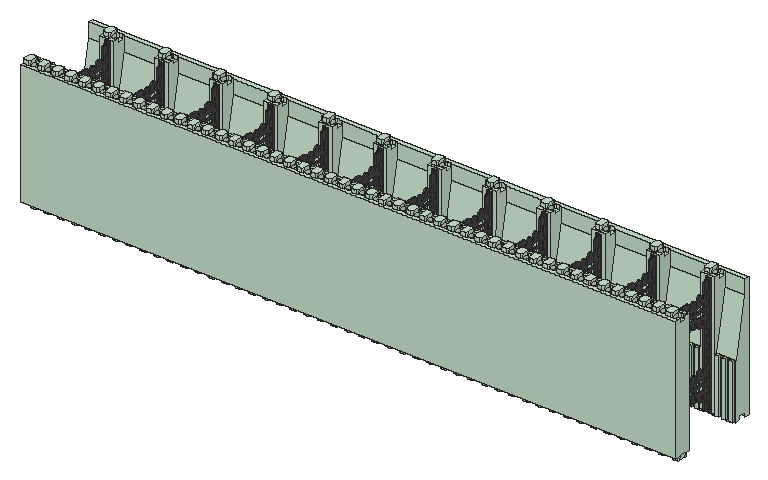
Revit family "ICF- NUDURA 8-inch- Single Sided Taper Top Form Unit- Imperial", category Generic Models, Revit 2011 (continued)
Forms (in)
  Extrusion 51, void
    sketch origin (86, 0, 0) x (-1, 0, 0) y (0, -1, 0)
      loop
        arc (1, -4.89808) -> (1.04785, -5.04517) -> (1.17308, -5.13595) r 0.25
        arc (1.17308, -5.13595) -> (1.5, -5.1875) -> (1.82692, -5.13595) r 1.0625
        arc (1.82692, -5.13595) -> (1.95215, -5.04517) -> (2, -4.89808) r 0.25
        line (2, -4.89808) -> (2, -3.97692)
        arc (2, -3.97692) -> (1.98276, -3.88568) -> (1.9334, -3.80702) r 0.25
        arc (1.9334, -3.80702) -> (1.92106, -3.78736) -> (1.91675, -3.76455) r 0.0625
        line (1.91675, -3.76455) -> (1.91675, -3.41845) -> (1.74592, -3.41845) -> (1.74592, -3.64005)
        arc (1.74592, -3.64005) -> (1.72385, -3.68771) -> (1.67323, -3.70172) r 0.0625
        arc (1.67323, -3.70172) -> (1.42092, -3.69045) -> (1.17308, -3.73905) r 1.0625
        arc (1.17308, -3.73905) -> (1.04785, -3.82983) -> (1, -3.97692) r 0.25
        line (1, -3.97692) -> (1, -4.89808)
    from 18 to 17.5
  Extrusion 52, void
    sketch origin (78, 0, 0) x (-1, 0, 0) y (0, -1, 0)
      loop
        arc (1, -4.89808) -> (1.04785, -5.04517) -> (1.17308, -5.13595) r 0.25
        arc (1.17308, -5.13595) -> (1.5, -5.1875) -> (1.82692, -5.13595) r 1.0625
        arc (1.82692, -5.13595) -> (1.95215, -5.04517) -> (2, -4.89808) r 0.25
        line (2, -4.89808) -> (2, -3.97692)
        arc (2, -3.97692) -> (1.98276, -3.88568) -> (1.9334, -3.80702) r 0.25
        arc (1.9334, -3.80702) -> (1.92106, -3.78736) -> (1.91675, -3.76455) r 0.0625
        line (1.91675, -3.76455) -> (1.91675, -3.41845) -> (1.74592, -3.41845) -> (1.74592, -3.64005)
        arc (1.74592, -3.64005) -> (1.72385, -3.68771) -> (1.67323, -3.70172) r 0.0625
        arc (1.67323, -3.70172) -> (1.42092, -3.69045) -> (1.17308, -3.73905) r 1.0625
        arc (1.17308, -3.73905) -> (1.04785, -3.82983) -> (1, -3.97692) r 0.25
        line (1, -3.97692) -> (1, -4.89808)
    from 18 to 17.5
  Extrusion 53, void
    sketch origin (70, 0, 0) x (-1, 0, 0) y (0, -1, 0)
      loop
        arc (1, -4.89808) -> (1.04785, -5.04517) -> (1.17308, -5.13595) r 0.25
        arc (1.17308, -5.13595) -> (1.5, -5.1875) -> (1.82692, -5.13595) r 1.0625
        arc (1.82692, -5.13595) -> (1.95215, -5.04517) -> (2, -4.89808) r 0.25
        line (2, -4.89808) -> (2, -3.97692)
        arc (2, -3.97692) -> (1.98276, -3.88568) -> (1.9334, -3.80702) r 0.25
        arc (1.9334, -3.80702) -> (1.92106, -3.78736) -> (1.91675, -3.76455) r 0.0625
        line (1.91675, -3.76455) -> (1.91675, -3.41845) -> (1.74592, -3.41845) -> (1.74592, -3.64005)
        arc (1.74592, -3.64005) -> (1.72385, -3.68771) -> (1.67323, -3.70172) r 0.0625
        arc (1.67323, -3.70172) -> (1.42092, -3.69045) -> (1.17308, -3.73905) r 1.0625
        arc (1.17308, -3.73905) -> (1.04785, -3.82983) -> (1, -3.97692) r 0.25
        line (1, -3.97692) -> (1, -4.89808)
    from 18 to 17.5
  Extrusion 54, void
    sketch origin (62, 0, 0) x (-1, 0, 0) y (0, -1, 0)
      loop
        arc (1, -4.89808) -> (1.04785, -5.04517) -> (1.17308, -5.13595) r 0.25
        arc (1.17308, -5.13595) -> (1.5, -5.1875) -> (1.82692, -5.13595) r 1.0625
        arc (1.82692, -5.13595) -> (1.95215, -5.04517) -> (2, -4.89808) r 0.25
        line (2, -4.89808) -> (2, -3.97692)
        arc (2, -3.97692) -> (1.98276, -3.88568) -> (1.9334, -3.80702) r 0.25
        arc (1.9334, -3.80702) -> (1.92106, -3.78736) -> (1.91675, -3.76455) r 0.0625
        line (1.91675, -3.76455) -> (1.91675, -3.41845) -> (1.74592, -3.41845) -> (1.74592, -3.64005)
        arc (1.74592, -3.64005) -> (1.72385, -3.68771) -> (1.67323, -3.70172) r 0.0625
        arc (1.67323, -3.70172) -> (1.42092, -3.69045) -> (1.17308, -3.73905) r 1.0625
        arc (1.17308, -3.73905) -> (1.04785, -3.82983) -> (1, -3.97692) r 0.25
        line (1, -3.97692) -> (1, -4.89808)
    from 18 to 17.5
  Extrusion 55, void
    sketch origin (54, 0, 0) x (-1, 0, 0) y (0, -1, 0)
      loop
        arc (1, -4.89808) -> (1.04785, -5.04517) -> (1.17308, -5.13595) r 0.25
        arc (1.17308, -5.13595) -> (1.5, -5.1875) -> (1.82692, -5.13595) r 1.0625
        arc (1.82692, -5.13595) -> (1.95215, -5.04517) -> (2, -4.89808) r 0.25
        line (2, -4.89808) -> (2, -3.97692)
        arc (2, -3.97692) -> (1.98276, -3.88568) -> (1.9334, -3.80702) r 0.25
        arc (1.9334, -3.80702) -> (1.92106, -3.78736) -> (1.91675, -3.76455) r 0.0625
        line (1.91675, -3.76455) -> (1.91675, -3.41845) -> (1.74592, -3.41845) -> (1.74592, -3.64005)
        arc (1.74592, -3.64005) -> (1.72385, -3.68771) -> (1.67323, -3.70172) r 0.0625
        arc (1.67323, -3.70172) -> (1.42092, -3.69045) -> (1.17308, -3.73905) r 1.0625
        arc (1.17308, -3.73905) -> (1.04785, -3.82983) -> (1, -3.97692) r 0.25
        line (1, -3.97692) -> (1, -4.89808)
    from 18 to 17.5
  Extrusion 56, void
    sketch origin (46, 0, 0) x (-1, 0, 0) y (0, -1, 0)
      loop
        arc (1, -4.89808) -> (1.04785, -5.04517) -> (1.17308, -5.13595) r 0.25
        arc (1.17308, -5.13595) -> (1.5, -5.1875) -> (1.82692, -5.13595) r 1.0625
        arc (1.82692, -5.13595) -> (1.95215, -5.04517) -> (2, -4.89808) r 0.25
        line (2, -4.89808) -> (2, -3.97692)
        arc (2, -3.97692) -> (1.98276, -3.88568) -> (1.9334, -3.80702) r 0.25
        arc (1.9334, -3.80702) -> (1.92106, -3.78736) -> (1.91675, -3.76455) r 0.0625
        line (1.91675, -3.76455) -> (1.91675, -3.41845) -> (1.74592, -3.41845) -> (1.74592, -3.64005)
        arc (1.74592, -3.64005) -> (1.72385, -3.68771) -> (1.67323, -3.70172) r 0.0625
        arc (1.67323, -3.70172) -> (1.42092, -3.69045) -> (1.17308, -3.73905) r 1.0625
        arc (1.17308, -3.73905) -> (1.04785, -3.82983) -> (1, -3.97692) r 0.25
        line (1, -3.97692) -> (1, -4.89808)
    from 18 to 17.5
  Extrusion 57, void
    sketch origin (38, 0, 0) x (-1, 0, 0) y (0, -1, 0)
      loop
        arc (1, -4.89808) -> (1.04785, -5.04517) -> (1.17308, -5.13595) r 0.25
        arc (1.17308, -5.13595) -> (1.5, -5.1875) -> (1.82692, -5.13595) r 1.0625
        arc (1.82692, -5.13595) -> (1.95215, -5.04517) -> (2, -4.89808) r 0.25
        line (2, -4.89808) -> (2, -3.97692)
        arc (2, -3.97692) -> (1.98276, -3.88568) -> (1.9334, -3.80702) r 0.25
        arc (1.9334, -3.80702) -> (1.92106, -3.78736) -> (1.91675, -3.76455) r 0.0625
        line (1.91675, -3.76455) -> (1.91675, -3.41845) -> (1.74592, -3.41845) -> (1.74592, -3.64005)
        arc (1.74592, -3.64005) -> (1.72385, -3.68771) -> (1.67323, -3.70172) r 0.0625
        arc (1.67323, -3.70172) -> (1.42092, -3.69045) -> (1.17308, -3.73905) r 1.0625
        arc (1.17308, -3.73905) -> (1.04785, -3.82983) -> (1, -3.97692) r 0.25
        line (1, -3.97692) -> (1, -4.89808)
    from 18 to 17.5
  Extrusion 58, void
    sketch origin (30, 0, 0) x (-1, 0, 0) y (0, -1, 0)
      loop
        arc (1, -4.89808) -> (1.04785, -5.04517) -> (1.17308, -5.13595) r 0.25
        arc (1.17308, -5.13595) -> (1.5, -5.1875) -> (1.82692, -5.13595) r 1.0625
        arc (1.82692, -5.13595) -> (1.95215, -5.04517) -> (2, -4.89808) r 0.25
        line (2, -4.89808) -> (2, -3.97692)
        arc (2, -3.97692) -> (1.98276, -3.88568) -> (1.9334, -3.80702) r 0.25
        arc (1.9334, -3.80702) -> (1.92106, -3.78736) -> (1.91675, -3.76455) r 0.0625
        line (1.91675, -3.76455) -> (1.91675, -3.41845) -> (1.74592, -3.41845) -> (1.74592, -3.64005)
        arc (1.74592, -3.64005) -> (1.72385, -3.68771) -> (1.67323, -3.70172) r 0.0625
        arc (1.67323, -3.70172) -> (1.42092, -3.69045) -> (1.17308, -3.73905) r 1.0625
        arc (1.17308, -3.73905) -> (1.04785, -3.82983) -> (1, -3.97692) r 0.25
        line (1, -3.97692) -> (1, -4.89808)
    from 18 to 17.5
  Extrusion 59, void
    sketch origin (22, 0, 0) x (-1, 0, 0) y (0, -1, 0)
      loop
        arc (1, -4.89808) -> (1.04785, -5.04517) -> (1.17308, -5.13595) r 0.25
        arc (1.17308, -5.13595) -> (1.5, -5.1875) -> (1.82692, -5.13595) r 1.0625
        arc (1.82692, -5.13595) -> (1.95215, -5.04517) -> (2, -4.89808) r 0.25
        line (2, -4.89808) -> (2, -3.97692)
        arc (2, -3.97692) -> (1.98276, -3.88568) -> (1.9334, -3.80702) r 0.25
        arc (1.9334, -3.80702) -> (1.92106, -3.78736) -> (1.91675, -3.76455) r 0.0625
        line (1.91675, -3.76455) -> (1.91675, -3.41845) -> (1.74592, -3.41845) -> (1.74592, -3.64005)
        arc (1.74592, -3.64005) -> (1.72385, -3.68771) -> (1.67323, -3.70172) r 0.0625
        arc (1.67323, -3.70172) -> (1.42092, -3.69045) -> (1.17308, -3.73905) r 1.0625
        arc (1.17308, -3.73905) -> (1.04785, -3.82983) -> (1, -3.97692) r 0.25
        line (1, -3.97692) -> (1, -4.89808)
    from 18 to 17.5
  Extrusion 60, void
    sketch origin (14, 0, 0) x (-1, 0, 0) y (0, -1, 0)
      loop
        arc (1, -4.89808) -> (1.04785, -5.04517) -> (1.17308, -5.13595) r 0.25
        arc (1.17308, -5.13595) -> (1.5, -5.1875) -> (1.82692, -5.13595) r 1.0625
        arc (1.82692, -5.13595) -> (1.95215, -5.04517) -> (2, -4.89808) r 0.25
        line (2, -4.89808) -> (2, -3.97692)
        arc (2, -3.97692) -> (1.98276, -3.88568) -> (1.9334, -3.80702) r 0.25
        arc (1.9334, -3.80702) -> (1.92106, -3.78736) -> (1.91675, -3.76455) r 0.0625
        line (1.91675, -3.76455) -> (1.91675, -3.41845) -> (1.74592, -3.41845) -> (1.74592, -3.64005)
        arc (1.74592, -3.64005) -> (1.72385, -3.68771) -> (1.67323, -3.70172) r 0.0625
        arc (1.67323, -3.70172) -> (1.42092, -3.69045) -> (1.17308, -3.73905) r 1.0625
        arc (1.17308, -3.73905) -> (1.04785, -3.82983) -> (1, -3.97692) r 0.25
        line (1, -3.97692) -> (1, -4.89808)
    from 18 to 17.5
  Extrusion 61, void
    sketch origin (6, 0, 0) x (-1, 0, 0) y (0, -1, 0)
      loop
        arc (1, -4.89808) -> (1.04785, -5.04517) -> (1.17308, -5.13595) r 0.25
        arc (1.17308, -5.13595) -> (1.5, -5.1875) -> (1.82692, -5.13595) r 1.0625
        arc (1.82692, -5.13595) -> (1.95215, -5.04517) -> (2, -4.89808) r 0.25
        line (2, -4.89808) -> (2, -3.97692)
        arc (2, -3.97692) -> (1.98276, -3.88568) -> (1.9334, -3.80702) r 0.25
        arc (1.9334, -3.80702) -> (1.92106, -3.78736) -> (1.91675, -3.76455) r 0.0625
        line (1.91675, -3.76455) -> (1.91675, -3.41845) -> (1.74592, -3.41845) -> (1.74592, -3.64005)
        arc (1.74592, -3.64005) -> (1.72385, -3.68771) -> (1.67323, -3.70172) r 0.0625
        arc (1.67323, -3.70172) -> (1.42092, -3.69045) -> (1.17308, -3.73905) r 1.0625
        arc (1.17308, -3.73905) -> (1.04785, -3.82983) -> (1, -3.97692) r 0.25
        line (1, -3.97692) -> (1, -4.89808)
    from 18 to 17.5
  Extrusion 62, void
    sketch origin (2, -2, 0) x (-1, 0, 0) y (0, -1, 0)
      loop
        line (1, 4.89808) -> (1, 3.97692)
        arc (1, 3.97692) -> (1.04785, 3.82983) -> (1.17308, 3.73905) r 0.25
        arc (1.17308, 3.73905) -> (1.42092, 3.69045) -> (1.67323, 3.70172) r 1.0625
        arc (1.67323, 3.70172) -> (1.72385, 3.68771) -> (1.74592, 3.64005) r 0.0625
        line (1.74592, 3.64005) -> (1.74592, 3.41845) -> (1.91675, 3.41845) -> (1.91675, 3.76455)
        arc (1.91675, 3.76455) -> (1.92106, 3.78736) -> (1.9334, 3.80702) r 0.0625
        arc (1.9334, 3.80702) -> (1.98276, 3.88568) -> (2, 3.97692) r 0.25
        line (2, 3.97692) -> (2, 4.89808)
        arc (2, 4.89808) -> (1.95215, 5.04517) -> (1.82692, 5.13595) r 0.25
        arc (1.82692, 5.13595) -> (1.5, 5.1875) -> (1.17308, 5.13595) r 1.0625
        arc (1.17308, 5.13595) -> (1.04785, 5.04517) -> (1, 4.89808) r 0.25
    from 0 to 0.5
  Extrusion 63, void
    sketch origin (4, -2, 0) x (-1, 0, 0) y (0, -1, 0)
      loop
        line (1, 4.89808) -> (1, 3.97692)
        arc (1, 3.97692) -> (1.04785, 3.82983) -> (1.17308, 3.73905) r 0.25
        arc (1.17308, 3.73905) -> (1.42092, 3.69045) -> (1.67323, 3.70172) r 1.0625
        arc (1.67323, 3.70172) -> (1.72385, 3.68771) -> (1.74592, 3.64005) r 0.0625
        line (1.74592, 3.64005) -> (1.74592, 3.41845) -> (1.91675, 3.41845) -> (1.91675, 3.76455)
        arc (1.91675, 3.76455) -> (1.92106, 3.78736) -> (1.9334, 3.80702) r 0.0625
        arc (1.9334, 3.80702) -> (1.98276, 3.88568) -> (2, 3.97692) r 0.25
        line (2, 3.97692) -> (2, 4.89808)
        arc (2, 4.89808) -> (1.95215, 5.04517) -> (1.82692, 5.13595) r 0.25
        arc (1.82692, 5.13595) -> (1.5, 5.1875) -> (1.17308, 5.13595) r 1.0625
        arc (1.17308, 5.13595) -> (1.04785, 5.04517) -> (1, 4.89808) r 0.25
    from 0 to 0.5
  Extrusion 64, void
    sketch origin (6, -2, 0) x (-1, 0, 0) y (0, -1, 0)
      loop
        line (1, 4.89808) -> (1, 3.97692)
        arc (1, 3.97692) -> (1.04785, 3.82983) -> (1.17308, 3.73905) r 0.25
        arc (1.17308, 3.73905) -> (1.42092, 3.69045) -> (1.67323, 3.70172) r 1.0625
        arc (1.67323, 3.70172) -> (1.72385, 3.68771) -> (1.74592, 3.64005) r 0.0625
        line (1.74592, 3.64005) -> (1.74592, 3.41845) -> (1.91675, 3.41845) -> (1.91675, 3.76455)
        arc (1.91675, 3.76455) -> (1.92106, 3.78736) -> (1.9334, 3.80702) r 0.0625
        arc (1.9334, 3.80702) -> (1.98276, 3.88568) -> (2, 3.97692) r 0.25
        line (2, 3.97692) -> (2, 4.89808)
        arc (2, 4.89808) -> (1.95215, 5.04517) -> (1.82692, 5.13595) r 0.25
        arc (1.82692, 5.13595) -> (1.5, 5.1875) -> (1.17308, 5.13595) r 1.0625
        arc (1.17308, 5.13595) -> (1.04785, 5.04517) -> (1, 4.89808) r 0.25
    from 0 to 0.5
  Extrusion 65, void
    sketch origin (8, -2, 0) x (-1, 0, 0) y (0, -1, 0)
      loop
        line (1, 4.89808) -> (1, 3.97692)
        arc (1, 3.97692) -> (1.04785, 3.82983) -> (1.17308, 3.73905) r 0.25
        arc (1.17308, 3.73905) -> (1.42092, 3.69045) -> (1.67323, 3.70172) r 1.0625
        arc (1.67323, 3.70172) -> (1.72385, 3.68771) -> (1.74592, 3.64005) r 0.0625
        line (1.74592, 3.64005) -> (1.74592, 3.41845) -> (1.91675, 3.41845) -> (1.91675, 3.76455)
        arc (1.91675, 3.76455) -> (1.92106, 3.78736) -> (1.9334, 3.80702) r 0.0625
        arc (1.9334, 3.80702) -> (1.98276, 3.88568) -> (2, 3.97692) r 0.25
        line (2, 3.97692) -> (2, 4.89808)
        arc (2, 4.89808) -> (1.95215, 5.04517) -> (1.82692, 5.13595) r 0.25
        arc (1.82692, 5.13595) -> (1.5, 5.1875) -> (1.17308, 5.13595) r 1.0625
        arc (1.17308, 5.13595) -> (1.04785, 5.04517) -> (1, 4.89808) r 0.25
    from 0 to 0.5
  Extrusion 66, void
    sketch origin (10, -2, 0) x (-1, 0, 0) y (0, -1, 0)
      loop
        line (1, 4.89808) -> (1, 3.97692)
        arc (1, 3.97692) -> (1.04785, 3.82983) -> (1.17308, 3.73905) r 0.25
        arc (1.17308, 3.73905) -> (1.42092, 3.69045) -> (1.67323, 3.70172) r 1.0625
        arc (1.67323, 3.70172) -> (1.72385, 3.68771) -> (1.74592, 3.64005) r 0.0625
        line (1.74592, 3.64005) -> (1.74592, 3.41845) -> (1.91675, 3.41845) -> (1.91675, 3.76455)
        arc (1.91675, 3.76455) -> (1.92106, 3.78736) -> (1.9334, 3.80702) r 0.0625
        arc (1.9334, 3.80702) -> (1.98276, 3.88568) -> (2, 3.97692) r 0.25
        line (2, 3.97692) -> (2, 4.89808)
        arc (2, 4.89808) -> (1.95215, 5.04517) -> (1.82692, 5.13595) r 0.25
        arc (1.82692, 5.13595) -> (1.5, 5.1875) -> (1.17308, 5.13595) r 1.0625
        arc (1.17308, 5.13595) -> (1.04785, 5.04517) -> (1, 4.89808) r 0.25
    from 0 to 0.5
  Extrusion 67, void
    sketch origin (12, -2, 0) x (-1, 0, 0) y (0, -1, 0)
      loop
        line (1, 4.89808) -> (1, 3.97692)
        arc (1, 3.97692) -> (1.04785, 3.82983) -> (1.17308, 3.73905) r 0.25
        arc (1.17308, 3.73905) -> (1.42092, 3.69045) -> (1.67323, 3.70172) r 1.0625
        arc (1.67323, 3.70172) -> (1.72385, 3.68771) -> (1.74592, 3.64005) r 0.0625
        line (1.74592, 3.64005) -> (1.74592, 3.41845) -> (1.91675, 3.41845) -> (1.91675, 3.76455)
        arc (1.91675, 3.76455) -> (1.92106, 3.78736) -> (1.9334, 3.80702) r 0.0625
        arc (1.9334, 3.80702) -> (1.98276, 3.88568) -> (2, 3.97692) r 0.25
        line (2, 3.97692) -> (2, 4.89808)
        arc (2, 4.89808) -> (1.95215, 5.04517) -> (1.82692, 5.13595) r 0.25
        arc (1.82692, 5.13595) -> (1.5, 5.1875) -> (1.17308, 5.13595) r 1.0625
        arc (1.17308, 5.13595) -> (1.04785, 5.04517) -> (1, 4.89808) r 0.25
    from 0 to 0.5
  Extrusion 68, void
    sketch origin (14, -2, 0) x (-1, 0, 0) y (0, -1, 0)
      loop
        line (1, 4.89808) -> (1, 3.97692)
        arc (1, 3.97692) -> (1.04785, 3.82983) -> (1.17308, 3.73905) r 0.25
        arc (1.17308, 3.73905) -> (1.42092, 3.69045) -> (1.67323, 3.70172) r 1.0625
        arc (1.67323, 3.70172) -> (1.72385, 3.68771) -> (1.74592, 3.64005) r 0.0625
        line (1.74592, 3.64005) -> (1.74592, 3.41845) -> (1.91675, 3.41845) -> (1.91675, 3.76455)
        arc (1.91675, 3.76455) -> (1.92106, 3.78736) -> (1.9334, 3.80702) r 0.0625
        arc (1.9334, 3.80702) -> (1.98276, 3.88568) -> (2, 3.97692) r 0.25
        line (2, 3.97692) -> (2, 4.89808)
        arc (2, 4.89808) -> (1.95215, 5.04517) -> (1.82692, 5.13595) r 0.25
        arc (1.82692, 5.13595) -> (1.5, 5.1875) -> (1.17308, 5.13595) r 1.0625
        arc (1.17308, 5.13595) -> (1.04785, 5.04517) -> (1, 4.89808) r 0.25
    from 0 to 0.5
  Extrusion 69, void
    sketch origin (16, -2, 0) x (-1, 0, 0) y (0, -1, 0)
      loop
        line (1, 4.89808) -> (1, 3.97692)
        arc (1, 3.97692) -> (1.04785, 3.82983) -> (1.17308, 3.73905) r 0.25
        arc (1.17308, 3.73905) -> (1.42092, 3.69045) -> (1.67323, 3.70172) r 1.0625
        arc (1.67323, 3.70172) -> (1.72385, 3.68771) -> (1.74592, 3.64005) r 0.0625
        line (1.74592, 3.64005) -> (1.74592, 3.41845) -> (1.91675, 3.41845) -> (1.91675, 3.76455)
        arc (1.91675, 3.76455) -> (1.92106, 3.78736) -> (1.9334, 3.80702) r 0.0625
        arc (1.9334, 3.80702) -> (1.98276, 3.88568) -> (2, 3.97692) r 0.25
        line (2, 3.97692) -> (2, 4.89808)
        arc (2, 4.89808) -> (1.95215, 5.04517) -> (1.82692, 5.13595) r 0.25
        arc (1.82692, 5.13595) -> (1.5, 5.1875) -> (1.17308, 5.13595) r 1.0625
        arc (1.17308, 5.13595) -> (1.04785, 5.04517) -> (1, 4.89808) r 0.25
    from 0 to 0.5
  Extrusion 70, void
    sketch origin (18, -2, 0) x (-1, 0, 0) y (0, -1, 0)
      loop
        line (1, 4.89808) -> (1, 3.97692)
        arc (1, 3.97692) -> (1.04785, 3.82983) -> (1.17308, 3.73905) r 0.25
        arc (1.17308, 3.73905) -> (1.42092, 3.69045) -> (1.67323, 3.70172) r 1.0625
        arc (1.67323, 3.70172) -> (1.72385, 3.68771) -> (1.74592, 3.64005) r 0.0625
        line (1.74592, 3.64005) -> (1.74592, 3.41845) -> (1.91675, 3.41845) -> (1.91675, 3.76455)
        arc (1.91675, 3.76455) -> (1.92106, 3.78736) -> (1.9334, 3.80702) r 0.0625
        arc (1.9334, 3.80702) -> (1.98276, 3.88568) -> (2, 3.97692) r 0.25
        line (2, 3.97692) -> (2, 4.89808)
        arc (2, 4.89808) -> (1.95215, 5.04517) -> (1.82692, 5.13595) r 0.25
        arc (1.82692, 5.13595) -> (1.5, 5.1875) -> (1.17308, 5.13595) r 1.0625
        arc (1.17308, 5.13595) -> (1.04785, 5.04517) -> (1, 4.89808) r 0.25
    from 0 to 0.5
  Extrusion 71, void
    sketch origin (20, -2, 0) x (-1, 0, 0) y (0, -1, 0)
      loop
        line (1, 4.89808) -> (1, 3.97692)
        arc (1, 3.97692) -> (1.04785, 3.82983) -> (1.17308, 3.73905) r 0.25
        arc (1.17308, 3.73905) -> (1.42092, 3.69045) -> (1.67323, 3.70172) r 1.0625
        arc (1.67323, 3.70172) -> (1.72385, 3.68771) -> (1.74592, 3.64005) r 0.0625
        line (1.74592, 3.64005) -> (1.74592, 3.41845) -> (1.91675, 3.41845) -> (1.91675, 3.76455)
        arc (1.91675, 3.76455) -> (1.92106, 3.78736) -> (1.9334, 3.80702) r 0.0625
        arc (1.9334, 3.80702) -> (1.98276, 3.88568) -> (2, 3.97692) r 0.25
        line (2, 3.97692) -> (2, 4.89808)
        arc (2, 4.89808) -> (1.95215, 5.04517) -> (1.82692, 5.13595) r 0.25
        arc (1.82692, 5.13595) -> (1.5, 5.1875) -> (1.17308, 5.13595) r 1.0625
        arc (1.17308, 5.13595) -> (1.04785, 5.04517) -> (1, 4.89808) r 0.25
    from 0 to 0.5
  Extrusion 72, void
    sketch origin (22, -2, 0) x (-1, 0, 0) y (0, -1, 0)
      loop
        line (1, 4.89808) -> (1, 3.97692)
        arc (1, 3.97692) -> (1.04785, 3.82983) -> (1.17308, 3.73905) r 0.25
        arc (1.17308, 3.73905) -> (1.42092, 3.69045) -> (1.67323, 3.70172) r 1.0625
        arc (1.67323, 3.70172) -> (1.72385, 3.68771) -> (1.74592, 3.64005) r 0.0625
        line (1.74592, 3.64005) -> (1.74592, 3.41845) -> (1.91675, 3.41845) -> (1.91675, 3.76455)
        arc (1.91675, 3.76455) -> (1.92106, 3.78736) -> (1.9334, 3.80702) r 0.0625
        arc (1.9334, 3.80702) -> (1.98276, 3.88568) -> (2, 3.97692) r 0.25
        line (2, 3.97692) -> (2, 4.89808)
        arc (2, 4.89808) -> (1.95215, 5.04517) -> (1.82692, 5.13595) r 0.25
        arc (1.82692, 5.13595) -> (1.5, 5.1875) -> (1.17308, 5.13595) r 1.0625
        arc (1.17308, 5.13595) -> (1.04785, 5.04517) -> (1, 4.89808) r 0.25
    from 0 to 0.5
  Extrusion 73, void
    sketch origin (24, -2, 0) x (-1, 0, 0) y (0, -1, 0)
      loop
        line (1, 4.89808) -> (1, 3.97692)
        arc (1, 3.97692) -> (1.04785, 3.82983) -> (1.17308, 3.73905) r 0.25
        arc (1.17308, 3.73905) -> (1.42092, 3.69045) -> (1.67323, 3.70172) r 1.0625
        arc (1.67323, 3.70172) -> (1.72385, 3.68771) -> (1.74592, 3.64005) r 0.0625
        line (1.74592, 3.64005) -> (1.74592, 3.41845) -> (1.91675, 3.41845) -> (1.91675, 3.76455)
        arc (1.91675, 3.76455) -> (1.92106, 3.78736) -> (1.9334, 3.80702) r 0.0625
        arc (1.9334, 3.80702) -> (1.98276, 3.88568) -> (2, 3.97692) r 0.25
        line (2, 3.97692) -> (2, 4.89808)
        arc (2, 4.89808) -> (1.95215, 5.04517) -> (1.82692, 5.13595) r 0.25
        arc (1.82692, 5.13595) -> (1.5, 5.1875) -> (1.17308, 5.13595) r 1.0625
        arc (1.17308, 5.13595) -> (1.04785, 5.04517) -> (1, 4.89808) r 0.25
    from 0 to 0.5
  Extrusion 74, void
    sketch origin (26, -2, 0) x (-1, 0, 0) y (0, -1, 0)
      loop
        line (1, 4.89808) -> (1, 3.97692)
        arc (1, 3.97692) -> (1.04785, 3.82983) -> (1.17308, 3.73905) r 0.25
        arc (1.17308, 3.73905) -> (1.42092, 3.69045) -> (1.67323, 3.70172) r 1.0625
        arc (1.67323, 3.70172) -> (1.72385, 3.68771) -> (1.74592, 3.64005) r 0.0625
        line (1.74592, 3.64005) -> (1.74592, 3.41845) -> (1.91675, 3.41845) -> (1.91675, 3.76455)
        arc (1.91675, 3.76455) -> (1.92106, 3.78736) -> (1.9334, 3.80702) r 0.0625
        arc (1.9334, 3.80702) -> (1.98276, 3.88568) -> (2, 3.97692) r 0.25
        line (2, 3.97692) -> (2, 4.89808)
        arc (2, 4.89808) -> (1.95215, 5.04517) -> (1.82692, 5.13595) r 0.25
        arc (1.82692, 5.13595) -> (1.5, 5.1875) -> (1.17308, 5.13595) r 1.0625
        arc (1.17308, 5.13595) -> (1.04785, 5.04517) -> (1, 4.89808) r 0.25
    from 0 to 0.5
  Extrusion 75, void
    sketch origin (28, -2, 0) x (-1, 0, 0) y (0, -1, 0)
      loop
        line (1, 4.89808) -> (1, 3.97692)
        arc (1, 3.97692) -> (1.04785, 3.82983) -> (1.17308, 3.73905) r 0.25
        arc (1.17308, 3.73905) -> (1.42092, 3.69045) -> (1.67323, 3.70172) r 1.0625
        arc (1.67323, 3.70172) -> (1.72385, 3.68771) -> (1.74592, 3.64005) r 0.0625
        line (1.74592, 3.64005) -> (1.74592, 3.41845) -> (1.91675, 3.41845) -> (1.91675, 3.76455)
        arc (1.91675, 3.76455) -> (1.92106, 3.78736) -> (1.9334, 3.80702) r 0.0625
        arc (1.9334, 3.80702) -> (1.98276, 3.88568) -> (2, 3.97692) r 0.25
        line (2, 3.97692) -> (2, 4.89808)
        arc (2, 4.89808) -> (1.95215, 5.04517) -> (1.82692, 5.13595) r 0.25
        arc (1.82692, 5.13595) -> (1.5, 5.1875) -> (1.17308, 5.13595) r 1.0625
        arc (1.17308, 5.13595) -> (1.04785, 5.04517) -> (1, 4.89808) r 0.25
    from 0 to 0.5
  Extrusion 76, void
    sketch origin (30, -2, 0) x (-1, 0, 0) y (0, -1, 0)
      loop
        line (1, 4.89808) -> (1, 3.97692)
        arc (1, 3.97692) -> (1.04785, 3.82983) -> (1.17308, 3.73905) r 0.25
        arc (1.17308, 3.73905) -> (1.42092, 3.69045) -> (1.67323, 3.70172) r 1.0625
        arc (1.67323, 3.70172) -> (1.72385, 3.68771) -> (1.74592, 3.64005) r 0.0625
        line (1.74592, 3.64005) -> (1.74592, 3.41845) -> (1.91675, 3.41845) -> (1.91675, 3.76455)
        arc (1.91675, 3.76455) -> (1.92106, 3.78736) -> (1.9334, 3.80702) r 0.0625
        arc (1.9334, 3.80702) -> (1.98276, 3.88568) -> (2, 3.97692) r 0.25
        line (2, 3.97692) -> (2, 4.89808)
        arc (2, 4.89808) -> (1.95215, 5.04517) -> (1.82692, 5.13595) r 0.25
        arc (1.82692, 5.13595) -> (1.5, 5.1875) -> (1.17308, 5.13595) r 1.0625
        arc (1.17308, 5.13595) -> (1.04785, 5.04517) -> (1, 4.89808) r 0.25
    from 0 to 0.5
  Extrusion 77, void
    sketch origin (32, -2, 0) x (-1, 0, 0) y (0, -1, 0)
      loop
        line (1, 4.89808) -> (1, 3.97692)
        arc (1, 3.97692) -> (1.04785, 3.82983) -> (1.17308, 3.73905) r 0.25
        arc (1.17308, 3.73905) -> (1.42092, 3.69045) -> (1.67323, 3.70172) r 1.0625
        arc (1.67323, 3.70172) -> (1.72385, 3.68771) -> (1.74592, 3.64005) r 0.0625
        line (1.74592, 3.64005) -> (1.74592, 3.41845) -> (1.91675, 3.41845) -> (1.91675, 3.76455)
        arc (1.91675, 3.76455) -> (1.92106, 3.78736) -> (1.9334, 3.80702) r 0.0625
        arc (1.9334, 3.80702) -> (1.98276, 3.88568) -> (2, 3.97692) r 0.25
        line (2, 3.97692) -> (2, 4.89808)
        arc (2, 4.89808) -> (1.95215, 5.04517) -> (1.82692, 5.13595) r 0.25
        arc (1.82692, 5.13595) -> (1.5, 5.1875) -> (1.17308, 5.13595) r 1.0625
        arc (1.17308, 5.13595) -> (1.04785, 5.04517) -> (1, 4.89808) r 0.25
    from 0 to 0.5
  Extrusion 78, void
    sketch origin (34, -2, 0) x (-1, 0, 0) y (0, -1, 0)
      loop
        line (1, 4.89808) -> (1, 3.97692)
        arc (1, 3.97692) -> (1.04785, 3.82983) -> (1.17308, 3.73905) r 0.25
        arc (1.17308, 3.73905) -> (1.42092, 3.69045) -> (1.67323, 3.70172) r 1.0625
        arc (1.67323, 3.70172) -> (1.72385, 3.68771) -> (1.74592, 3.64005) r 0.0625
        line (1.74592, 3.64005) -> (1.74592, 3.41845) -> (1.91675, 3.41845) -> (1.91675, 3.76455)
        arc (1.91675, 3.76455) -> (1.92106, 3.78736) -> (1.9334, 3.80702) r 0.0625
        arc (1.9334, 3.80702) -> (1.98276, 3.88568) -> (2, 3.97692) r 0.25
        line (2, 3.97692) -> (2, 4.89808)
        arc (2, 4.89808) -> (1.95215, 5.04517) -> (1.82692, 5.13595) r 0.25
        arc (1.82692, 5.13595) -> (1.5, 5.1875) -> (1.17308, 5.13595) r 1.0625
        arc (1.17308, 5.13595) -> (1.04785, 5.04517) -> (1, 4.89808) r 0.25
    from 0 to 0.5
  Extrusion 79, void
    sketch origin (36, -2, 0) x (-1, 0, 0) y (0, -1, 0)
      loop
        line (1, 4.89808) -> (1, 3.97692)
        arc (1, 3.97692) -> (1.04785, 3.82983) -> (1.17308, 3.73905) r 0.25
        arc (1.17308, 3.73905) -> (1.42092, 3.69045) -> (1.67323, 3.70172) r 1.0625
        arc (1.67323, 3.70172) -> (1.72385, 3.68771) -> (1.74592, 3.64005) r 0.0625
        line (1.74592, 3.64005) -> (1.74592, 3.41845) -> (1.91675, 3.41845) -> (1.91675, 3.76455)
        arc (1.91675, 3.76455) -> (1.92106, 3.78736) -> (1.9334, 3.80702) r 0.0625
        arc (1.9334, 3.80702) -> (1.98276, 3.88568) -> (2, 3.97692) r 0.25
        line (2, 3.97692) -> (2, 4.89808)
        arc (2, 4.89808) -> (1.95215, 5.04517) -> (1.82692, 5.13595) r 0.25
        arc (1.82692, 5.13595) -> (1.5, 5.1875) -> (1.17308, 5.13595) r 1.0625
        arc (1.17308, 5.13595) -> (1.04785, 5.04517) -> (1, 4.89808) r 0.25
    from 0 to 0.5
  Extrusion 80, void
    sketch origin (38, -2, 0) x (-1, 0, 0) y (0, -1, 0)
      loop
        line (1, 4.89808) -> (1, 3.97692)
        arc (1, 3.97692) -> (1.04785, 3.82983) -> (1.17308, 3.73905) r 0.25
        arc (1.17308, 3.73905) -> (1.42092, 3.69045) -> (1.67323, 3.70172) r 1.0625
        arc (1.67323, 3.70172) -> (1.72385, 3.68771) -> (1.74592, 3.64005) r 0.0625
        line (1.74592, 3.64005) -> (1.74592, 3.41845) -> (1.91675, 3.41845) -> (1.91675, 3.76455)
        arc (1.91675, 3.76455) -> (1.92106, 3.78736) -> (1.9334, 3.80702) r 0.0625
        arc (1.9334, 3.80702) -> (1.98276, 3.88568) -> (2, 3.97692) r 0.25
        line (2, 3.97692) -> (2, 4.89808)
        arc (2, 4.89808) -> (1.95215, 5.04517) -> (1.82692, 5.13595) r 0.25
        arc (1.82692, 5.13595) -> (1.5, 5.1875) -> (1.17308, 5.13595) r 1.0625
        arc (1.17308, 5.13595) -> (1.04785, 5.04517) -> (1, 4.89808) r 0.25
    from 0 to 0.5
  Extrusion 81, void
    sketch origin (40, -2, 0) x (-1, 0, 0) y (0, -1, 0)
      loop
        line (1, 4.89808) -> (1, 3.97692)
        arc (1, 3.97692) -> (1.04785, 3.82983) -> (1.17308, 3.73905) r 0.25
        arc (1.17308, 3.73905) -> (1.42092, 3.69045) -> (1.67323, 3.70172) r 1.0625
        arc (1.67323, 3.70172) -> (1.72385, 3.68771) -> (1.74592, 3.64005) r 0.0625
        line (1.74592, 3.64005) -> (1.74592, 3.41845) -> (1.91675, 3.41845) -> (1.91675, 3.76455)
        arc (1.91675, 3.76455) -> (1.92106, 3.78736) -> (1.9334, 3.80702) r 0.0625
        arc (1.9334, 3.80702) -> (1.98276, 3.88568) -> (2, 3.97692) r 0.25
        line (2, 3.97692) -> (2, 4.89808)
        arc (2, 4.89808) -> (1.95215, 5.04517) -> (1.82692, 5.13595) r 0.25
        arc (1.82692, 5.13595) -> (1.5, 5.1875) -> (1.17308, 5.13595) r 1.0625
        arc (1.17308, 5.13595) -> (1.04785, 5.04517) -> (1, 4.89808) r 0.25
    from 0 to 0.5
  Extrusion 82, void
    sketch origin (42, -2, 0) x (-1, 0, 0) y (0, -1, 0)
      loop
        line (1, 4.89808) -> (1, 3.97692)
        arc (1, 3.97692) -> (1.04785, 3.82983) -> (1.17308, 3.73905) r 0.25
        arc (1.17308, 3.73905) -> (1.42092, 3.69045) -> (1.67323, 3.70172) r 1.0625
        arc (1.67323, 3.70172) -> (1.72385, 3.68771) -> (1.74592, 3.64005) r 0.0625
        line (1.74592, 3.64005) -> (1.74592, 3.41845) -> (1.91675, 3.41845) -> (1.91675, 3.76455)
        arc (1.91675, 3.76455) -> (1.92106, 3.78736) -> (1.9334, 3.80702) r 0.0625
        arc (1.9334, 3.80702) -> (1.98276, 3.88568) -> (2, 3.97692) r 0.25
        line (2, 3.97692) -> (2, 4.89808)
        arc (2, 4.89808) -> (1.95215, 5.04517) -> (1.82692, 5.13595) r 0.25
        arc (1.82692, 5.13595) -> (1.5, 5.1875) -> (1.17308, 5.13595) r 1.0625
        arc (1.17308, 5.13595) -> (1.04785, 5.04517) -> (1, 4.89808) r 0.25
    from 0 to 0.5
  Extrusion 83, void
    sketch origin (44, -2, 0) x (-1, 0, 0) y (0, -1, 0)
      loop
        line (1, 4.89808) -> (1, 3.97692)
        arc (1, 3.97692) -> (1.04785, 3.82983) -> (1.17308, 3.73905) r 0.25
        arc (1.17308, 3.73905) -> (1.42092, 3.69045) -> (1.67323, 3.70172) r 1.0625
        arc (1.67323, 3.70172) -> (1.72385, 3.68771) -> (1.74592, 3.64005) r 0.0625
        line (1.74592, 3.64005) -> (1.74592, 3.41845) -> (1.91675, 3.41845) -> (1.91675, 3.76455)
        arc (1.91675, 3.76455) -> (1.92106, 3.78736) -> (1.9334, 3.80702) r 0.0625
        arc (1.9334, 3.80702) -> (1.98276, 3.88568) -> (2, 3.97692) r 0.25
        line (2, 3.97692) -> (2, 4.89808)
        arc (2, 4.89808) -> (1.95215, 5.04517) -> (1.82692, 5.13595) r 0.25
        arc (1.82692, 5.13595) -> (1.5, 5.1875) -> (1.17308, 5.13595) r 1.0625
        arc (1.17308, 5.13595) -> (1.04785, 5.04517) -> (1, 4.89808) r 0.25
    from 0 to 0.5
  Extrusion 84, void
    sketch origin (46, -2, 0) x (-1, 0, 0) y (0, -1, 0)
      loop
        line (1, 4.89808) -> (1, 3.97692)
        arc (1, 3.97692) -> (1.04785, 3.82983) -> (1.17308, 3.73905) r 0.25
        arc (1.17308, 3.73905) -> (1.42092, 3.69045) -> (1.67323, 3.70172) r 1.0625
        arc (1.67323, 3.70172) -> (1.72385, 3.68771) -> (1.74592, 3.64005) r 0.0625
        line (1.74592, 3.64005) -> (1.74592, 3.41845) -> (1.91675, 3.41845) -> (1.91675, 3.76455)
        arc (1.91675, 3.76455) -> (1.92106, 3.78736) -> (1.9334, 3.80702) r 0.0625
        arc (1.9334, 3.80702) -> (1.98276, 3.88568) -> (2, 3.97692) r 0.25
        line (2, 3.97692) -> (2, 4.89808)
        arc (2, 4.89808) -> (1.95215, 5.04517) -> (1.82692, 5.13595) r 0.25
        arc (1.82692, 5.13595) -> (1.5, 5.1875) -> (1.17308, 5.13595) r 1.0625
        arc (1.17308, 5.13595) -> (1.04785, 5.04517) -> (1, 4.89808) r 0.25
    from 0 to 0.5
  Extrusion 85, void
    sketch origin (48, -2, 0) x (-1, 0, 0) y (0, -1, 0)
      loop
        line (1, 4.89808) -> (1, 3.97692)
        arc (1, 3.97692) -> (1.04785, 3.82983) -> (1.17308, 3.73905) r 0.25
        arc (1.17308, 3.73905) -> (1.42092, 3.69045) -> (1.67323, 3.70172) r 1.0625
        arc (1.67323, 3.70172) -> (1.72385, 3.68771) -> (1.74592, 3.64005) r 0.0625
        line (1.74592, 3.64005) -> (1.74592, 3.41845) -> (1.91675, 3.41845) -> (1.91675, 3.76455)
        arc (1.91675, 3.76455) -> (1.92106, 3.78736) -> (1.9334, 3.80702) r 0.0625
        arc (1.9334, 3.80702) -> (1.98276, 3.88568) -> (2, 3.97692) r 0.25
        line (2, 3.97692) -> (2, 4.89808)
        arc (2, 4.89808) -> (1.95215, 5.04517) -> (1.82692, 5.13595) r 0.25
        arc (1.82692, 5.13595) -> (1.5, 5.1875) -> (1.17308, 5.13595) r 1.0625
        arc (1.17308, 5.13595) -> (1.04785, 5.04517) -> (1, 4.89808) r 0.25
    from 0 to 0.5
  Extrusion 86, void
    sketch origin (50, -2, 0) x (-1, 0, 0) y (0, -1, 0)
      loop
        line (1, 4.89808) -> (1, 3.97692)
        arc (1, 3.97692) -> (1.04785, 3.82983) -> (1.17308, 3.73905) r 0.25
        arc (1.17308, 3.73905) -> (1.42092, 3.69045) -> (1.67323, 3.70172) r 1.0625
        arc (1.67323, 3.70172) -> (1.72385, 3.68771) -> (1.74592, 3.64005) r 0.0625
        line (1.74592, 3.64005) -> (1.74592, 3.41845) -> (1.91675, 3.41845) -> (1.91675, 3.76455)
        arc (1.91675, 3.76455) -> (1.92106, 3.78736) -> (1.9334, 3.80702) r 0.0625
        arc (1.9334, 3.80702) -> (1.98276, 3.88568) -> (2, 3.97692) r 0.25
        line (2, 3.97692) -> (2, 4.89808)
        arc (2, 4.89808) -> (1.95215, 5.04517) -> (1.82692, 5.13595) r 0.25
        arc (1.82692, 5.13595) -> (1.5, 5.1875) -> (1.17308, 5.13595) r 1.0625
        arc (1.17308, 5.13595) -> (1.04785, 5.04517) -> (1, 4.89808) r 0.25
    from 0 to 0.5
  Extrusion 87, void
    sketch origin (52, -2, 0) x (-1, 0, 0) y (0, -1, 0)
      loop
        line (1, 4.89808) -> (1, 3.97692)
        arc (1, 3.97692) -> (1.04785, 3.82983) -> (1.17308, 3.73905) r 0.25
        arc (1.17308, 3.73905) -> (1.42092, 3.69045) -> (1.67323, 3.70172) r 1.0625
        arc (1.67323, 3.70172) -> (1.72385, 3.68771) -> (1.74592, 3.64005) r 0.0625
        line (1.74592, 3.64005) -> (1.74592, 3.41845) -> (1.91675, 3.41845) -> (1.91675, 3.76455)
        arc (1.91675, 3.76455) -> (1.92106, 3.78736) -> (1.9334, 3.80702) r 0.0625
        arc (1.9334, 3.80702) -> (1.98276, 3.88568) -> (2, 3.97692) r 0.25
        line (2, 3.97692) -> (2, 4.89808)
        arc (2, 4.89808) -> (1.95215, 5.04517) -> (1.82692, 5.13595) r 0.25
        arc (1.82692, 5.13595) -> (1.5, 5.1875) -> (1.17308, 5.13595) r 1.0625
        arc (1.17308, 5.13595) -> (1.04785, 5.04517) -> (1, 4.89808) r 0.25
    from 0 to 0.5
  Extrusion 88, void
    sketch origin (54, -2, 0) x (-1, 0, 0) y (0, -1, 0)
      loop
        line (1, 4.89808) -> (1, 3.97692)
        arc (1, 3.97692) -> (1.04785, 3.82983) -> (1.17308, 3.73905) r 0.25
        arc (1.17308, 3.73905) -> (1.42092, 3.69045) -> (1.67323, 3.70172) r 1.0625
        arc (1.67323, 3.70172) -> (1.72385, 3.68771) -> (1.74592, 3.64005) r 0.0625
        line (1.74592, 3.64005) -> (1.74592, 3.41845) -> (1.91675, 3.41845) -> (1.91675, 3.76455)
        arc (1.91675, 3.76455) -> (1.92106, 3.78736) -> (1.9334, 3.80702) r 0.0625
        arc (1.9334, 3.80702) -> (1.98276, 3.88568) -> (2, 3.97692) r 0.25
        line (2, 3.97692) -> (2, 4.89808)
        arc (2, 4.89808) -> (1.95215, 5.04517) -> (1.82692, 5.13595) r 0.25
        arc (1.82692, 5.13595) -> (1.5, 5.1875) -> (1.17308, 5.13595) r 1.0625
        arc (1.17308, 5.13595) -> (1.04785, 5.04517) -> (1, 4.89808) r 0.25
    from 0 to 0.5
  Extrusion 89, void
    sketch origin (56, -2, 0) x (-1, 0, 0) y (0, -1, 0)
      loop
        line (1, 4.89808) -> (1, 3.97692)
        arc (1, 3.97692) -> (1.04785, 3.82983) -> (1.17308, 3.73905) r 0.25
        arc (1.17308, 3.73905) -> (1.42092, 3.69045) -> (1.67323, 3.70172) r 1.0625
        arc (1.67323, 3.70172) -> (1.72385, 3.68771) -> (1.74592, 3.64005) r 0.0625
        line (1.74592, 3.64005) -> (1.74592, 3.41845) -> (1.91675, 3.41845) -> (1.91675, 3.76455)
        arc (1.91675, 3.76455) -> (1.92106, 3.78736) -> (1.9334, 3.80702) r 0.0625
        arc (1.9334, 3.80702) -> (1.98276, 3.88568) -> (2, 3.97692) r 0.25
        line (2, 3.97692) -> (2, 4.89808)
        arc (2, 4.89808) -> (1.95215, 5.04517) -> (1.82692, 5.13595) r 0.25
        arc (1.82692, 5.13595) -> (1.5, 5.1875) -> (1.17308, 5.13595) r 1.0625
        arc (1.17308, 5.13595) -> (1.04785, 5.04517) -> (1, 4.89808) r 0.25
    from 0 to 0.5
  Extrusion 90, void
    sketch origin (58, -2, 0) x (-1, 0, 0) y (0, -1, 0)
      loop
        line (1, 4.89808) -> (1, 3.97692)
        arc (1, 3.97692) -> (1.04785, 3.82983) -> (1.17308, 3.73905) r 0.25
        arc (1.17308, 3.73905) -> (1.42092, 3.69045) -> (1.67323, 3.70172) r 1.0625
        arc (1.67323, 3.70172) -> (1.72385, 3.68771) -> (1.74592, 3.64005) r 0.0625
        line (1.74592, 3.64005) -> (1.74592, 3.41845) -> (1.91675, 3.41845) -> (1.91675, 3.76455)
        arc (1.91675, 3.76455) -> (1.92106, 3.78736) -> (1.9334, 3.80702) r 0.0625
        arc (1.9334, 3.80702) -> (1.98276, 3.88568) -> (2, 3.97692) r 0.25
        line (2, 3.97692) -> (2, 4.89808)
        arc (2, 4.89808) -> (1.95215, 5.04517) -> (1.82692, 5.13595) r 0.25
        arc (1.82692, 5.13595) -> (1.5, 5.1875) -> (1.17308, 5.13595) r 1.0625
        arc (1.17308, 5.13595) -> (1.04785, 5.04517) -> (1, 4.89808) r 0.25
    from 0 to 0.5
  Extrusion 91, void
    sketch origin (60, -2, 0) x (-1, 0, 0) y (0, -1, 0)
      loop
        line (1, 4.89808) -> (1, 3.97692)
        arc (1, 3.97692) -> (1.04785, 3.82983) -> (1.17308, 3.73905) r 0.25
        arc (1.17308, 3.73905) -> (1.42092, 3.69045) -> (1.67323, 3.70172) r 1.0625
        arc (1.67323, 3.70172) -> (1.72385, 3.68771) -> (1.74592, 3.64005) r 0.0625
        line (1.74592, 3.64005) -> (1.74592, 3.41845) -> (1.91675, 3.41845) -> (1.91675, 3.76455)
        arc (1.91675, 3.76455) -> (1.92106, 3.78736) -> (1.9334, 3.80702) r 0.0625
        arc (1.9334, 3.80702) -> (1.98276, 3.88568) -> (2, 3.97692) r 0.25
        line (2, 3.97692) -> (2, 4.89808)
        arc (2, 4.89808) -> (1.95215, 5.04517) -> (1.82692, 5.13595) r 0.25
        arc (1.82692, 5.13595) -> (1.5, 5.1875) -> (1.17308, 5.13595) r 1.0625
        arc (1.17308, 5.13595) -> (1.04785, 5.04517) -> (1, 4.89808) r 0.25
    from 0 to 0.5
  Extrusion 92, void
    sketch origin (62, -2, 0) x (-1, 0, 0) y (0, -1, 0)
      loop
        line (1, 4.89808) -> (1, 3.97692)
        arc (1, 3.97692) -> (1.04785, 3.82983) -> (1.17308, 3.73905) r 0.25
        arc (1.17308, 3.73905) -> (1.42092, 3.69045) -> (1.67323, 3.70172) r 1.0625
        arc (1.67323, 3.70172) -> (1.72385, 3.68771) -> (1.74592, 3.64005) r 0.0625
        line (1.74592, 3.64005) -> (1.74592, 3.41845) -> (1.91675, 3.41845) -> (1.91675, 3.76455)
        arc (1.91675, 3.76455) -> (1.92106, 3.78736) -> (1.9334, 3.80702) r 0.0625
        arc (1.9334, 3.80702) -> (1.98276, 3.88568) -> (2, 3.97692) r 0.25
        line (2, 3.97692) -> (2, 4.89808)
        arc (2, 4.89808) -> (1.95215, 5.04517) -> (1.82692, 5.13595) r 0.25
        arc (1.82692, 5.13595) -> (1.5, 5.1875) -> (1.17308, 5.13595) r 1.0625
        arc (1.17308, 5.13595) -> (1.04785, 5.04517) -> (1, 4.89808) r 0.25
    from 0 to 0.5
  Extrusion 93, void
    sketch origin (64, -2, 0) x (-1, 0, 0) y (0, -1, 0)
      loop
        line (1, 4.89808) -> (1, 3.97692)
        arc (1, 3.97692) -> (1.04785, 3.82983) -> (1.17308, 3.73905) r 0.25
        arc (1.17308, 3.73905) -> (1.42092, 3.69045) -> (1.67323, 3.70172) r 1.0625
        arc (1.67323, 3.70172) -> (1.72385, 3.68771) -> (1.74592, 3.64005) r 0.0625
        line (1.74592, 3.64005) -> (1.74592, 3.41845) -> (1.91675, 3.41845) -> (1.91675, 3.76455)
        arc (1.91675, 3.76455) -> (1.92106, 3.78736) -> (1.9334, 3.80702) r 0.0625
        arc (1.9334, 3.80702) -> (1.98276, 3.88568) -> (2, 3.97692) r 0.25
        line (2, 3.97692) -> (2, 4.89808)
        arc (2, 4.89808) -> (1.95215, 5.04517) -> (1.82692, 5.13595) r 0.25
        arc (1.82692, 5.13595) -> (1.5, 5.1875) -> (1.17308, 5.13595) r 1.0625
        arc (1.17308, 5.13595) -> (1.04785, 5.04517) -> (1, 4.89808) r 0.25
    from 0 to 0.5
  Extrusion 94, void
    sketch origin (66, -2, 0) x (-1, 0, 0) y (0, -1, 0)
      loop
        line (1, 4.89808) -> (1, 3.97692)
        arc (1, 3.97692) -> (1.04785, 3.82983) -> (1.17308, 3.73905) r 0.25
        arc (1.17308, 3.73905) -> (1.42092, 3.69045) -> (1.67323, 3.70172) r 1.0625
        arc (1.67323, 3.70172) -> (1.72385, 3.68771) -> (1.74592, 3.64005) r 0.0625
        line (1.74592, 3.64005) -> (1.74592, 3.41845) -> (1.91675, 3.41845) -> (1.91675, 3.76455)
        arc (1.91675, 3.76455) -> (1.92106, 3.78736) -> (1.9334, 3.80702) r 0.0625
        arc (1.9334, 3.80702) -> (1.98276, 3.88568) -> (2, 3.97692) r 0.25
        line (2, 3.97692) -> (2, 4.89808)
        arc (2, 4.89808) -> (1.95215, 5.04517) -> (1.82692, 5.13595) r 0.25
        arc (1.82692, 5.13595) -> (1.5, 5.1875) -> (1.17308, 5.13595) r 1.0625
        arc (1.17308, 5.13595) -> (1.04785, 5.04517) -> (1, 4.89808) r 0.25
    from 0 to 0.5
  Extrusion 95, void
    sketch origin (68, -2, 0) x (-1, 0, 0) y (0, -1, 0)
      loop
        line (1, 4.89808) -> (1, 3.97692)
        arc (1, 3.97692) -> (1.04785, 3.82983) -> (1.17308, 3.73905) r 0.25
        arc (1.17308, 3.73905) -> (1.42092, 3.69045) -> (1.67323, 3.70172) r 1.0625
        arc (1.67323, 3.70172) -> (1.72385, 3.68771) -> (1.74592, 3.64005) r 0.0625
        line (1.74592, 3.64005) -> (1.74592, 3.41845) -> (1.91675, 3.41845) -> (1.91675, 3.76455)
        arc (1.91675, 3.76455) -> (1.92106, 3.78736) -> (1.9334, 3.80702) r 0.0625
        arc (1.9334, 3.80702) -> (1.98276, 3.88568) -> (2, 3.97692) r 0.25
        line (2, 3.97692) -> (2, 4.89808)
        arc (2, 4.89808) -> (1.95215, 5.04517) -> (1.82692, 5.13595) r 0.25
        arc (1.82692, 5.13595) -> (1.5, 5.1875) -> (1.17308, 5.13595) r 1.0625
        arc (1.17308, 5.13595) -> (1.04785, 5.04517) -> (1, 4.89808) r 0.25
    from 0 to 0.5
  Extrusion 96, void
    sketch origin (70, -2, 0) x (-1, 0, 0) y (0, -1, 0)
      loop
        line (1, 4.89808) -> (1, 3.97692)
        arc (1, 3.97692) -> (1.04785, 3.82983) -> (1.17308, 3.73905) r 0.25
        arc (1.17308, 3.73905) -> (1.42092, 3.69045) -> (1.67323, 3.70172) r 1.0625
        arc (1.67323, 3.70172) -> (1.72385, 3.68771) -> (1.74592, 3.64005) r 0.0625
        line (1.74592, 3.64005) -> (1.74592, 3.41845) -> (1.91675, 3.41845) -> (1.91675, 3.76455)
        arc (1.91675, 3.76455) -> (1.92106, 3.78736) -> (1.9334, 3.80702) r 0.0625
        arc (1.9334, 3.80702) -> (1.98276, 3.88568) -> (2, 3.97692) r 0.25
        line (2, 3.97692) -> (2, 4.89808)
        arc (2, 4.89808) -> (1.95215, 5.04517) -> (1.82692, 5.13595) r 0.25
        arc (1.82692, 5.13595) -> (1.5, 5.1875) -> (1.17308, 5.13595) r 1.0625
        arc (1.17308, 5.13595) -> (1.04785, 5.04517) -> (1, 4.89808) r 0.25
    from 0 to 0.5
  Extrusion 97, void
    sketch origin (72, -2, 0) x (-1, 0, 0) y (0, -1, 0)
      loop
        line (1, 4.89808) -> (1, 3.97692)
        arc (1, 3.97692) -> (1.04785, 3.82983) -> (1.17308, 3.73905) r 0.25
        arc (1.17308, 3.73905) -> (1.42092, 3.69045) -> (1.67323, 3.70172) r 1.0625
        arc (1.67323, 3.70172) -> (1.72385, 3.68771) -> (1.74592, 3.64005) r 0.0625
        line (1.74592, 3.64005) -> (1.74592, 3.41845) -> (1.91675, 3.41845) -> (1.91675, 3.76455)
        arc (1.91675, 3.76455) -> (1.92106, 3.78736) -> (1.9334, 3.80702) r 0.0625
        arc (1.9334, 3.80702) -> (1.98276, 3.88568) -> (2, 3.97692) r 0.25
        line (2, 3.97692) -> (2, 4.89808)
        arc (2, 4.89808) -> (1.95215, 5.04517) -> (1.82692, 5.13595) r 0.25
        arc (1.82692, 5.13595) -> (1.5, 5.1875) -> (1.17308, 5.13595) r 1.0625
        arc (1.17308, 5.13595) -> (1.04785, 5.04517) -> (1, 4.89808) r 0.25
    from 0 to 0.5
  Extrusion 98, void
    sketch origin (74, -2, 0) x (-1, 0, 0) y (0, -1, 0)
      loop
        line (1, 4.89808) -> (1, 3.97692)
        arc (1, 3.97692) -> (1.04785, 3.82983) -> (1.17308, 3.73905) r 0.25
        arc (1.17308, 3.73905) -> (1.42092, 3.69045) -> (1.67323, 3.70172) r 1.0625
        arc (1.67323, 3.70172) -> (1.72385, 3.68771) -> (1.74592, 3.64005) r 0.0625
        line (1.74592, 3.64005) -> (1.74592, 3.41845) -> (1.91675, 3.41845) -> (1.91675, 3.76455)
        arc (1.91675, 3.76455) -> (1.92106, 3.78736) -> (1.9334, 3.80702) r 0.0625
        arc (1.9334, 3.80702) -> (1.98276, 3.88568) -> (2, 3.97692) r 0.25
        line (2, 3.97692) -> (2, 4.89808)
        arc (2, 4.89808) -> (1.95215, 5.04517) -> (1.82692, 5.13595) r 0.25
        arc (1.82692, 5.13595) -> (1.5, 5.1875) -> (1.17308, 5.13595) r 1.0625
        arc (1.17308, 5.13595) -> (1.04785, 5.04517) -> (1, 4.89808) r 0.25
    from 0 to 0.5
  Extrusion 99, void
    sketch origin (76, -2, 0) x (-1, 0, 0) y (0, -1, 0)
      loop
        line (1, 4.89808) -> (1, 3.97692)
        arc (1, 3.97692) -> (1.04785, 3.82983) -> (1.17308, 3.73905) r 0.25
        arc (1.17308, 3.73905) -> (1.42092, 3.69045) -> (1.67323, 3.70172) r 1.0625
        arc (1.67323, 3.70172) -> (1.72385, 3.68771) -> (1.74592, 3.64005) r 0.0625
        line (1.74592, 3.64005) -> (1.74592, 3.41845) -> (1.91675, 3.41845) -> (1.91675, 3.76455)
        arc (1.91675, 3.76455) -> (1.92106, 3.78736) -> (1.9334, 3.80702) r 0.0625
        arc (1.9334, 3.80702) -> (1.98276, 3.88568) -> (2, 3.97692) r 0.25
        line (2, 3.97692) -> (2, 4.89808)
        arc (2, 4.89808) -> (1.95215, 5.04517) -> (1.82692, 5.13595) r 0.25
        arc (1.82692, 5.13595) -> (1.5, 5.1875) -> (1.17308, 5.13595) r 1.0625
        arc (1.17308, 5.13595) -> (1.04785, 5.04517) -> (1, 4.89808) r 0.25
    from 0 to 0.5
  Extrusion 100, void
    sketch origin (78, -2, 0) x (-1, 0, 0) y (0, -1, 0)
      loop
        line (1, 4.89808) -> (1, 3.97692)
        arc (1, 3.97692) -> (1.04785, 3.82983) -> (1.17308, 3.73905) r 0.25
        arc (1.17308, 3.73905) -> (1.42092, 3.69045) -> (1.67323, 3.70172) r 1.0625
        arc (1.67323, 3.70172) -> (1.72385, 3.68771) -> (1.74592, 3.64005) r 0.0625
        line (1.74592, 3.64005) -> (1.74592, 3.41845) -> (1.91675, 3.41845) -> (1.91675, 3.76455)
        arc (1.91675, 3.76455) -> (1.92106, 3.78736) -> (1.9334, 3.80702) r 0.0625
        arc (1.9334, 3.80702) -> (1.98276, 3.88568) -> (2, 3.97692) r 0.25
        line (2, 3.97692) -> (2, 4.89808)
        arc (2, 4.89808) -> (1.95215, 5.04517) -> (1.82692, 5.13595) r 0.25
        arc (1.82692, 5.13595) -> (1.5, 5.1875) -> (1.17308, 5.13595) r 1.0625
        arc (1.17308, 5.13595) -> (1.04785, 5.04517) -> (1, 4.89808) r 0.25
    from 0 to 0.5
  Extrusion 101, void
    sketch origin (80, -2, 0) x (-1, 0, 0) y (0, -1, 0)
      loop
        line (1, 4.89808) -> (1, 3.97692)
        arc (1, 3.97692) -> (1.04785, 3.82983) -> (1.17308, 3.73905) r 0.25
        arc (1.17308, 3.73905) -> (1.42092, 3.69045) -> (1.67323, 3.70172) r 1.0625
        arc (1.67323, 3.70172) -> (1.72385, 3.68771) -> (1.74592, 3.64005) r 0.0625
        line (1.74592, 3.64005) -> (1.74592, 3.41845) -> (1.91675, 3.41845) -> (1.91675, 3.76455)
        arc (1.91675, 3.76455) -> (1.92106, 3.78736) -> (1.9334, 3.80702) r 0.0625
        arc (1.9334, 3.80702) -> (1.98276, 3.88568) -> (2, 3.97692) r 0.25
        line (2, 3.97692) -> (2, 4.89808)
        arc (2, 4.89808) -> (1.95215, 5.04517) -> (1.82692, 5.13595) r 0.25
        arc (1.82692, 5.13595) -> (1.5, 5.1875) -> (1.17308, 5.13595) r 1.0625
        arc (1.17308, 5.13595) -> (1.04785, 5.04517) -> (1, 4.89808) r 0.25
    from 0 to 0.5
  Extrusion 102, void
    sketch origin (82, -2, 0) x (-1, 0, 0) y (0, -1, 0)
      loop
        line (1, 4.89808) -> (1, 3.97692)
        arc (1, 3.97692) -> (1.04785, 3.82983) -> (1.17308, 3.73905) r 0.25
        arc (1.17308, 3.73905) -> (1.42092, 3.69045) -> (1.67323, 3.70172) r 1.0625
        arc (1.67323, 3.70172) -> (1.72385, 3.68771) -> (1.74592, 3.64005) r 0.0625
        line (1.74592, 3.64005) -> (1.74592, 3.41845) -> (1.91675, 3.41845) -> (1.91675, 3.76455)
        arc (1.91675, 3.76455) -> (1.92106, 3.78736) -> (1.9334, 3.80702) r 0.0625
        arc (1.9334, 3.80702) -> (1.98276, 3.88568) -> (2, 3.97692) r 0.25
        line (2, 3.97692) -> (2, 4.89808)
        arc (2, 4.89808) -> (1.95215, 5.04517) -> (1.82692, 5.13595) r 0.25
        arc (1.82692, 5.13595) -> (1.5, 5.1875) -> (1.17308, 5.13595) r 1.0625
        arc (1.17308, 5.13595) -> (1.04785, 5.04517) -> (1, 4.89808) r 0.25
    from 0 to 0.5
  Extrusion 103, void
    sketch origin (84, -2, 0) x (-1, 0, 0) y (0, -1, 0)
      loop
        line (1, 4.89808) -> (1, 3.97692)
        arc (1, 3.97692) -> (1.04785, 3.82983) -> (1.17308, 3.73905) r 0.25
        arc (1.17308, 3.73905) -> (1.42092, 3.69045) -> (1.67323, 3.70172) r 1.0625
        arc (1.67323, 3.70172) -> (1.72385, 3.68771) -> (1.74592, 3.64005) r 0.0625
        line (1.74592, 3.64005) -> (1.74592, 3.41845) -> (1.91675, 3.41845) -> (1.91675, 3.76455)
        arc (1.91675, 3.76455) -> (1.92106, 3.78736) -> (1.9334, 3.80702) r 0.0625
        arc (1.9334, 3.80702) -> (1.98276, 3.88568) -> (2, 3.97692) r 0.25
        line (2, 3.97692) -> (2, 4.89808)
        arc (2, 4.89808) -> (1.95215, 5.04517) -> (1.82692, 5.13595) r 0.25
        arc (1.82692, 5.13595) -> (1.5, 5.1875) -> (1.17308, 5.13595) r 1.0625
        arc (1.17308, 5.13595) -> (1.04785, 5.04517) -> (1, 4.89808) r 0.25
    from 0 to 0.5
  Extrusion 104, void
    sketch origin (86, -2, 0) x (-1, 0, 0) y (0, -1, 0)
      loop
        line (1, 4.89808) -> (1, 3.97692)
        arc (1, 3.97692) -> (1.04785, 3.82983) -> (1.17308, 3.73905) r 0.25
        arc (1.17308, 3.73905) -> (1.42092, 3.69045) -> (1.67323, 3.70172) r 1.0625
        arc (1.67323, 3.70172) -> (1.72385, 3.68771) -> (1.74592, 3.64005) r 0.0625
        line (1.74592, 3.64005) -> (1.74592, 3.41845) -> (1.91675, 3.41845) -> (1.91675, 3.76455)
        arc (1.91675, 3.76455) -> (1.92106, 3.78736) -> (1.9334, 3.80702) r 0.0625
        arc (1.9334, 3.80702) -> (1.98276, 3.88568) -> (2, 3.97692) r 0.25
        line (2, 3.97692) -> (2, 4.89808)
        arc (2, 4.89808) -> (1.95215, 5.04517) -> (1.82692, 5.13595) r 0.25
        arc (1.82692, 5.13595) -> (1.5, 5.1875) -> (1.17308, 5.13595) r 1.0625
        arc (1.17308, 5.13595) -> (1.04785, 5.04517) -> (1, 4.89808) r 0.25
    from 0 to 0.5
  Extrusion 105, void
    sketch origin (88, -2, 0) x (-1, 0, 0) y (0, -1, 0)
      loop
        line (1, 4.89808) -> (1, 3.97692)
        arc (1, 3.97692) -> (1.04785, 3.82983) -> (1.17308, 3.73905) r 0.25
        arc (1.17308, 3.73905) -> (1.42092, 3.69045) -> (1.67323, 3.70172) r 1.0625
        arc (1.67323, 3.70172) -> (1.72385, 3.68771) -> (1.74592, 3.64005) r 0.0625
        line (1.74592, 3.64005) -> (1.74592, 3.41845) -> (1.91675, 3.41845) -> (1.91675, 3.76455)
        arc (1.91675, 3.76455) -> (1.92106, 3.78736) -> (1.9334, 3.80702) r 0.0625
        arc (1.9334, 3.80702) -> (1.98276, 3.88568) -> (2, 3.97692) r 0.25
        line (2, 3.97692) -> (2, 4.89808)
        arc (2, 4.89808) -> (1.95215, 5.04517) -> (1.82692, 5.13595) r 0.25
        arc (1.82692, 5.13595) -> (1.5, 5.1875) -> (1.17308, 5.13595) r 1.0625
        arc (1.17308, 5.13595) -> (1.04785, 5.04517) -> (1, 4.89808) r 0.25
    from 0 to 0.5
  Extrusion 106, void
    sketch origin (90, -2, 0) x (-1, 0, 0) y (0, -1, 0)
      loop
        line (1, 4.89808) -> (1, 3.97692)
        arc (1, 3.97692) -> (1.04785, 3.82983) -> (1.17308, 3.73905) r 0.25
        arc (1.17308, 3.73905) -> (1.42092, 3.69045) -> (1.67323, 3.70172) r 1.0625
        arc (1.67323, 3.70172) -> (1.72385, 3.68771) -> (1.74592, 3.64005) r 0.0625
        line (1.74592, 3.64005) -> (1.74592, 3.41845) -> (1.91675, 3.41845) -> (1.91675, 3.76455)
        arc (1.91675, 3.76455) -> (1.92106, 3.78736) -> (1.9334, 3.80702) r 0.0625
        arc (1.9334, 3.80702) -> (1.98276, 3.88568) -> (2, 3.97692) r 0.25
